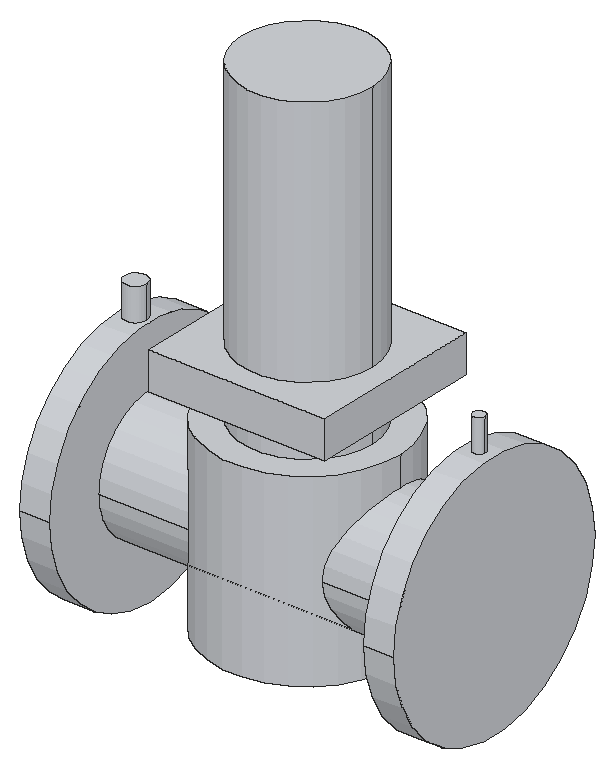
Revit family "PV_Compact_PN16_DN100_(50-200kPa)_RFA_2019", category Pipe Accessories, Revit 2019
Family settings
  Round Connector Dimension = Use Diameter
  Part Type = Valve - Breaks Into
  Work Plane-Based = No
  Always vertical = Yes
  Cut with Voids When Loaded = No
  Shared = No
Parameters (values of type "PV Compact PN16 DN100 (50-200kPa)")
  magiProductId = "238894349c704e30980898d6a42884"
  magiProductFamilyId = "c8b2eac19a98445b953ec5ab518664"
  magiPartTypeId = 304
  isMeasuringValve [instance] = no
  ang2D [instance] = 0.00°
  W2D = 50 mm
  VersionID = "2.0/2018.12.13.2/FRESE_PV_COMPACT_BIG_Q13_001"
  Use Minimum Symbol Size [instance] = no
  URL = "www.hydronic.cz"
  Type Comments = "PŘÍRUBOVÝ; PN16; dpmax=1000kPa; -10~+120°C"
  R4 = 61.25 mm
  R3 = 61.1 mm
  R1 = 87.5 mm
  QmdConnectorList = "301;D;302;D"
  Productdata [instance] = ""
  Manufacturer = "Hydronic Systems Prague s.r.o."
  Maintenance Zone Under Depth [instance] = 100 mm
  Maintenance Zone Right Depth [instance] = 100 mm
  Maintenance Zone Over Depth [instance] = 100 mm
  Maintenance Zone Left Depth [instance] = 100 mm
  Maintenance Zone Front Depth [instance] = 100 mm
  Maintenance Zone Back Depth [instance] = 100 mm
  Maintenance Zone Front Visibility [instance] = no
  MC Use Limits From Balancing Method = no
  MC Throttling Minimum Value = 0
  MC Throttling Maximum Value = 0
  MC Product Code = "53-3310 DN100 PN16; nastavitelný rozsah dp=50~200kPa; Q=20,3~81,3 m3/h;  kvs=115"
  MC Pressure Drop Minimum Value = 0.0 Pa
  MC Pressure Drop Maximum Value = 0.0 Pa
  MC Piping Given Pressure Drop [instance] = 0.0 Pa
  LF__ve = -LF  # -28 mm
  LF2 = 14 mm
  LF = 28 mm
  L4 = 164.5 mm
  L3 = 294 mm
  L2D_Min = 30.48 mm
  L2D = 230 mm
  L2 = 175 mm
  H6 = 234.75 mm
  H4 = 35.25 mm
  H3 = 29.375 mm
  H2 = 88.125 mm
  H1 = 176.25 mm
  Description = "Nastavitelný regulátor tlakové diference"
  DF2 = 117.5 mm
  D = 100 mm
  Clearance Zone Height Depth [instance] = 100 mm
  Clearance Zone Circular Radius [instance] = 175 mm
  Clearance Zone Visibility [instance] = no
  CAT0 = yes
Types (4, lengths in mm): name | magiProductId | R4 | R3 | R1 | MC Product Code | LF__ve | LF2 | LF | L4 | L3 | L2 | H6 | H4 | H3 | H2 | H1 | DF2 | D | Clearance Zone Circular Radius
  PV Compact PN16 DN050 (50-200kPa) | "81e9f5a937864fb894d80a4a75c60c" | 40.25 | 42.9 | 57.5 | "53-3301 DN050 PN16; nastavitelný rozsah dp=50~200kPa; Q=5,1~20,5 m3/h;  kvs=29" | -18.4 | 9.2 | 18.4 | 108.1 | 193.2 | 115 | 82.25 | 24.75 | 20.625 | 61.875 | 123.75 | 82.5 | 50 | 115
  PV Compact PN16 DN065 (50-200kPa) | "62e5150a15b74f6ebf91ec17767c09" | 50.75 | 48.1 | 72.5 | "53-3304 DN065 PN16; nastavitelný rozsah dp=50~200kPa; Q=7,4~29,7 m3/h;  kvs=42" | -23.2 | 11.6 | 23.2 | 136.3 | 243.6 | 145 | 105.25 | 27.75 | 23.125 | 69.375 | 138.75 | 92.5 | 65 | 145
  PV Compact PN16 DN080 (50-200kPa) | "56ecf79d7ca14ffb95f20ac45086c0" | 54.25 | 52 | 77.5 | "53-3307 DN080 PN16; nastavitelný rozsah dp=50~200kPa; Q=20,5~82,1 m3/h;  kvs=67" | -24.8 | 12.4 | 24.8 | 145.7 | 260.4 | 155 | 141 | 30 | 25 | 75 | 150 | 100 | 80 | 155
  PV Compact PN16 DN100 (50-200kPa) | "238894349c704e30980898d6a42884" | 61.25 | 61.1 | 87.5 | "53-3310 DN100 PN16; nastavitelný rozsah dp=50~200kPa; Q=20,3~81,3 m3/h;  kvs=115" | -28 | 14 | 28 | 164.5 | 294 | 175 | 234.75 | 35.25 | 29.375 | 88.125 | 176.25 | 117.5 | 100 | 175
Reference planes
  plane 1 "Center (Front/Back)": y = 0
  plane 2 "XYPLANE": z = 0
  plane 3 "Center (Left/Right)": x = 0
  plane 4 "257": y = -117.5
  plane 5 "256": y = 117.5
  plane 6 "255": z = -117.5
  plane 7 "254": y = -217.5
  plane 8 "253": y = 217.5
  plane 9 "252": x = -275
  plane 10 "251": x = 275
  plane 11 "250": z = 487.5
  plane 12 "249": z = -217.5
  plane 13 "248": z = 487.5
  plane 14 "247": z = 387.5
  plane 15 "157": x = 161
  plane 16 "156": x = -161
  plane 17 "155": z = 117.5
  plane 18 "154": z = 152.75
  plane 19 "153": z = 117.5
  plane 20 "152": z = 88.125
  plane 21 "151": x = -147
  plane 22 "150": z = -88.125
  plane 23 "149": x = 0
  plane 24 "148": y = 0
  plane 25 "147": z = 0
  plane 26 "146": x = -175
  plane 27 "145": x = 175
Forms (mm)
  Blend 1, solid, visible <- "Maintenance Zone Front Visibility"
    base sketch origin (-750, 0, -217.5) x (1, 0, 0) y (0, 1, 0)
      loop
        line (475, 217.5) -> (475, -217.5) -> (1025, -217.5) -> (1025, 217.5) -> (475, 217.5)
    top sketch origin (-750, 0, -217.5) x (1, 0, 0) y (0, 1, 0)
      loop
        line (475, 217.5) -> (475, -217.5) -> (1025, -217.5) -> (1025, 217.5) -> (475, 217.5)
    from 0 to 705
  Blend 2, solid, visible <- "Clearance Zone Visibility"
    base sketch origin (-750, 0, 0) x (1, 0, 0) y (0, 1, 0)
      loop
        circle (750, 0) r 175
    top sketch origin (-750, 0, 0) x (1, 0, 0) y (0, 1, 0)
      loop
        circle (750, 0) r 175
    from 0 to 487.5
  Extrusion 3, solid, visible <- "CAT0"
    sketch origin (-750, 0, 117.5) x (1, 0, 0) y (0, 1, 0)
      loop
        circle (911, 0) r 5.5
    from 0 to 30
  Extrusion 4, solid, visible <- "CAT0"
    sketch origin (-750, 0, 117.5) x (1, 0, 0) y (0, 1, 0)
      loop
        circle (589, 0) r 10.3
    from 0 to 30
  Extrusion 5, solid
    sketch origin (-750, 0, 152.75) x (1, 0, 0) y (0, 1, 0)
      loop
        circle (750, 0) r 61.25
    from 0 to 234.75 <- "H6"
  Extrusion 6, solid, visible <- "CAT0"
    sketch origin (-750, 0, 117.5) x (1, 0, 0) y (0, 1, 0)
      loop
        line (832.25, 82.25) -> (667.75, 82.25) -> (667.75, -82.25) -> (832.25, -82.25) -> (832.25, 82.25)
    from 0 to 35.25 <- "H4"
  Extrusion 7, solid, visible <- "CAT0"
    sketch origin (-750, 0, 88.125) x (1, 0, 0) y (0, 1, 0)
      loop
        circle (750, 0) r 61.25
    from 0 to 29.375 <- "H3"
  Extrusion 8, solid, visible <- "CAT0"
    sketch origin (-147, -750, 0) x (0, 1, 0) y (0, 0, 1)
      loop
        circle (750, 0) r 61.1
    from 0 to 294 <- "L3"
  Extrusion 9, solid, visible <- "CAT0"
    sketch origin (-750, 0, -88.125) x (1, 0, 0) y (0, 1, 0)
      loop
        circle (750, 0) r 87.5
    from 0 to 176.25 <- "H1"
  Extrusion 10, solid, visible <- "CAT0"
    sketch origin (-175, -750, 0) x (0, 1, 0) y (0, 0, 1)
      loop
        circle (750, 0) r 117.5
    from 0 to 28 <- "LF"
  Extrusion 11, solid, visible <- "CAT0"
    sketch origin (175, -750, 0) x (0, 1, 0) y (0, 0, 1)
      loop
        circle (750, 0) r 117.5
    from 0 to -28 <- "LF__ve"
  Extrusion 12, solid, not visible
    sketch origin (-175, -750, 0) x (0, 1, 0) y (0, 0, 1)
      loop
        circle (750, 0) r 10
    from 0 to 10
  Extrusion 13, solid, not visible
    sketch origin (175, -750, 0) x (0, 1, 0) y (0, 0, 1)
      loop
        circle (750, 0) r 10
    from 0 to -10
Lines and regions (mm)
  reference lines, not visible
    curve 1: circle (2, 2, 0) r 1 normal (0, 0, 1)
  reference lines
    curve 2: circle (0, 0, 117.5) r 1 normal (0, 0, 1)
Dimensions and locks
  plane 1 "Center (Front/Back)" to curve 1 = 2 mm
  "DF2": plane 24 "148" to plane 4 "257"
  "DF2": plane 24 "148" to plane 5 "256"
  "DF2": plane 25 "147" to plane 6 "255"
  "Maintenance Zone Front Depth": plane 4 "257" to plane 7 "254"
  "Maintenance Zone Back Depth": plane 5 "256" to plane 8 "253"
  "Maintenance Zone Left Depth": plane 26 "146" to plane 9 "252"
  "Maintenance Zone Right Depth": plane 27 "145" to plane 10 "251"
  "Maintenance Zone Over Depth": plane 14 "247" to plane 11 "250"
  "Maintenance Zone Under Depth": plane 6 "255" to plane 12 "249"
  "Clearance Zone Height Depth": plane 14 "247" to plane 13 "248"
  "H6": plane 18 "154" to plane 14 "247"
  "LF2": plane 27 "145" to plane 15 "157"
  "LF2": plane 26 "146" to plane 16 "156"
  "DF2": plane 2 "XYPLANE" to plane 17 "155"
  "H4": plane 19 "153" to plane 18 "154"
  "H3": plane 20 "152" to plane 19 "153"
  "H1": plane 22 "150" to plane 20 "152"
  "LF": plane 26 "146" to plane 21 "151"
  "H2": plane 2 "XYPLANE" to plane 22 "150"
  locked: plane 3 "Center (Left/Right)" to plane 23 "149"
  locked: plane 1 "Center (Front/Back)" to plane 24 "148"
  locked: plane 2 "XYPLANE" to plane 25 "147"
  "L2": plane 3 "Center (Left/Right)" to plane 26 "146"
  "L2": plane 3 "Center (Left/Right)" to plane 27 "145"
  Blend 1 sketch curve to Blend 1 sketch curve = 0 mm  (x16)
  equal spacing: Extrusion 6 sketch curve, curve 2, Extrusion 6 sketch curve  (x2)
  "L4": Extrusion 6 sketch curve to Extrusion 6 sketch curve  (x2)
  Extrusion 6 sketch curve to Extrusion 6 sketch curve = 0 mm  (x8)
  "Clearance Zone Circular Radius": radius of Blend 2 sketch curve  (x2)
  "R4": radius of Extrusion 5 sketch curve
  "R4": radius of Extrusion 7 sketch curve
  "R3": radius of Extrusion 8 sketch curve
  "R1": radius of Extrusion 9 sketch curve
  "DF2": radius of Extrusion 10 sketch curve
  "DF2": radius of Extrusion 11 sketch curve
  aligned and locked: level to plane 2 "XYPLANE"
  aligned and locked: Blend 1 sketch curve to plane 8 "253"  (x2)
  aligned and locked: plane 9 "252" to Blend 1 sketch curve  (x4)
  aligned and locked: plane 10 "251" to Blend 1 sketch curve  (x4)
  aligned and locked: plane 8 "253" to Blend 1 sketch curve  (x2)
  aligned and locked: plane 7 "254" to Blend 1 sketch curve  (x4)
  aligned and locked: plane 11 "250" to Blend 1
  aligned and locked: plane 23 "149" to Blend 2 sketch curve  (x2)
  aligned and locked: plane 24 "148" to Blend 2 sketch curve  (x2)
  aligned and locked: plane 13 "248" to Blend 2
  aligned and locked: plane 15 "157" to Extrusion 3 sketch curve
  aligned and locked: plane 24 "148" to Extrusion 3 sketch curve
  aligned and locked: plane 16 "156" to Extrusion 4 sketch curve
  aligned and locked: plane 24 "148" to Extrusion 4 sketch curve
  aligned and locked: plane 23 "149" to Extrusion 5 sketch curve
  aligned and locked: plane 24 "148" to Extrusion 5 sketch curve
  aligned and locked: plane 23 "149" to curve 2
  aligned and locked: plane 24 "148" to curve 2
  aligned and locked: plane 23 "149" to Extrusion 7 sketch curve
  aligned and locked: plane 24 "148" to Extrusion 7 sketch curve
  aligned and locked: Extrusion 8 sketch curve to plane 24 "148"
  aligned and locked: plane 25 "147" to Extrusion 8 sketch curve
  aligned and locked: plane 23 "149" to Extrusion 9 sketch curve
  aligned and locked: plane 24 "148" to Extrusion 9 sketch curve
  aligned and locked: Extrusion 10 sketch curve to plane 24 "148"
  aligned and locked: plane 25 "147" to Extrusion 10 sketch curve
  aligned and locked: Extrusion 11 sketch curve to plane 24 "148"
  aligned and locked: plane 25 "147" to Extrusion 11 sketch curve
  aligned and locked: Extrusion 12 sketch curve to plane 24 "148"
  aligned and locked: plane 25 "147" to Extrusion 12 sketch curve
  aligned and locked: Extrusion 13 sketch curve to plane 24 "148"
  aligned and locked: plane 25 "147" to Extrusion 13 sketch curve
Automatic sketch dimensions
  Extrusion 3 sketch curve to plane 15 "157" = 5.5 mm
  plane 26 "146" to Extrusion 4 sketch curve = 3.7 mm
  plane 1 "Center (Front/Back)" to Extrusion 12 sketch curve = 10 mm
  plane 1 "Center (Front/Back)" to Extrusion 13 sketch curve = 10 mm
  plane 3 "Center (Left/Right)" to curve 1 = 2 mm
  plane 21 "151" to Extrusion 6 sketch curve = 64.75 mm
  plane 4 "257" to Extrusion 6 sketch curve = 35.25 mm
  radius of curve 2 = 1 mm
  radius of curve 1 = 1 mm
Connectors
  piping at (-175, 0, 0), diameter 100, driven by "D"
    settings: on Extrusion 12, index 1, connector inside diameter 609.6 mm, connector length 0 mm, flow factor 0, pipe flow 0.0 L/s, pressure drop 0.0 Pa, fitting loss kfactor 0, connector angle 0.00°, fixture units 0, engagement length 0 mm, angle of deflection 0.00°, flow configuration 0, flow direction 0, fitting loss method 0, system type 29, joint type 0, gender type 0, connector reference index 2, connector utility 0, adjustable connector no, is connector primary yes, connector description ""
  piping at (175, 0, 0), diameter 100, driven by "D"
    settings: on Extrusion 13, index 2, connector inside diameter 609.6 mm, connector length 0 mm, flow factor 0, pipe flow 0.0 L/s, pressure drop 0.0 Pa, fitting loss kfactor 0, connector angle 0.00°, fixture units 0, engagement length 0 mm, angle of deflection 0.00°, flow configuration 0, flow direction 0, fitting loss method 0, system type 29, joint type 0, gender type 0, connector reference index 1, connector utility 0, adjustable connector no, is connector primary no, connector description ""
